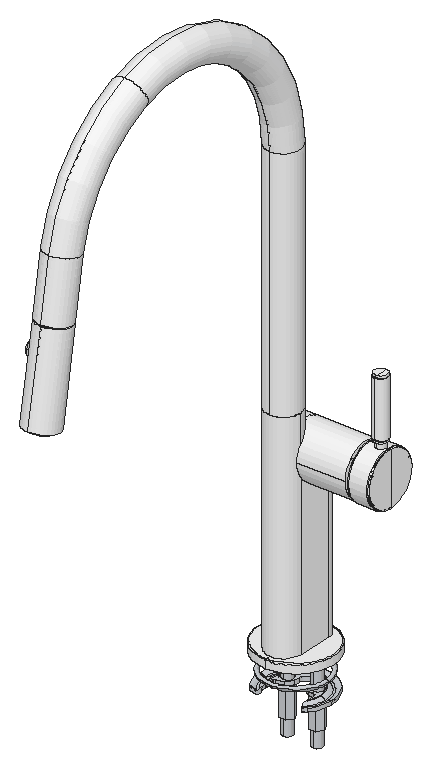
Revit family "Reece_Tap_Milli_Etch_Sink Mixer_Pull Out_Gooseneck", category Plumbing Fixtures, host Face, Revit 2018
Family settings
  Host = Face
  Round Connector Dimension = Use Diameter
  Part Type = Normal
  Cut with Voids When Loaded = No
  Shared = Yes
  Room Calculation Point = Yes
Parameters (values of type "217 mm_Chrome")
  WFU = 0  # constant formula
  URL = "https://www.reece.com.au/product/-21888"
  Type Comments = "Tap"
  Reece_Tap_Reach = 217 mm  # constant formula
  Reece_Tap_Inlet = 12 mm  # constant formula
  Reece_Tap_Clearance = 243 mm  # constant formula
  Reece_Product_Web Page = "https://www.reece.com.au/product/-21888"
  Reece_Product_Type = "Tap"
  Reece_Product_Sub Brand = "Etch"
  Reece_Product_Number = "21888"
  Reece_Product_Mount = "Hob Mounted"
  Reece_Product_Description = "Milli Etch Gooseneck Pull Out Sink Mixer Chrome (5 Star) Lead Free"
  Reece_Product_Brand = "Milli"
  Reece_Overall_Length = 266 mm  # constant formula
  Reece_Overall_Height = 442 mm  # constant formula
  Reece_Material_Secondary = Reece_Brass_Chrome_Knurl Pattern
  Reece_Material_Main = Reece_Brass_Chrome
  Reece_Detail_Installation = ""
  Reece_Detail_Disclaimer = "THIS FILE IS THE PROPERTY OF THE REECE GROUP. IT MAY NOT BE REPRODUCED, REVERSE-ENGINEERED, OR MODIFIED. ANY REPUBLICATION, TRANSMISSION, OR DISTRIBUTION FOR THE PURPOSE OF COMMERCIALLY EXPLOITING THE FILES IS PROHIBITED."  # constant formula
  Reece_Detail_Connector = ""
  Reece_Detail_Additional = "Sink Mixer"
  Model = "Etch"
  Manufacturer = "Milli"
  Keynote = "Product #21888, Reece_Tap_Milli_Etch_Sink Mixer_Pull Out_Gooseneck - 217 mm_Chrome"
  HWFU = 0  # constant formula
  Disclaimer = "THIS FILE IS THE PROPERTY OF THE REECE GROUP. IT MAY NOT BE REPRODUCED, REVERSE-ENGINEERED, OR MODIFIED. ANY REPUBLICATION, TRANSMISSION, OR DISTRIBUTION FOR THE PURPOSE OF COMMERCIALLY EXPLOITING THE FILES IS PROHIBITED."  # constant formula
  Description = "Milli Etch Gooseneck Pull Out Sink Mixer Chrome (5 Star) Lead Free"
  Default Elevation = 1000 mm
  CWFU = 0  # constant formula
Types (6, lengths in mm): name | URL | Reece_Product_Web Page | Reece_Product_Number | Reece_Product_Description | Reece_Material_Secondary | Reece_Material_Main | Keynote | Description
  217 mm_Chrome | "https://www.reece.com.au/product/-21888" | "https://www.reece.com.au/product/-21888" | "21888" | "Milli Etch Gooseneck Pull Out Sink Mixer Chrome (5 Star) Lead Free" | Reece_Brass_Chrome_Knurl Pattern | Reece_Brass_Chrome | "Product #21888, Reece_Tap_Milli_Etch_Sink Mixer_Pull Out_Gooseneck - 217 mm_Chrome" | "Milli Etch Gooseneck Pull Out Sink Mixer Chrome (5 Star) Lead Free"
  217 mm_Brushed Gunmetal | "https://www.reece.com.au/product/-21892" | "https://www.reece.com.au/product/-21892" | "21892" | "Milli Etch Gooseneck Pull Out Sink Mixer Brushed Gunmetal (5 Star) Lead Free" | Reece_Brass_Brushed Gunmetal_Knurl Pattern | Reece_Brass_Brushed Gunmetal | "Product #21892, Reece_Tap_Milli_Etch_Sink Mixer_Pull Out_Gooseneck - 217 mm_Brushed Gunmetal" | "Milli Etch Gooseneck Pull Out Sink Mixer Brushed Gunmetal (5 Star) Lead Free"
  217 mm_Matte Black | "https://www.reece.com.au/product/-21889" | "https://www.reece.com.au/product/-21889" | "21889" | "Milli Etch Gooseneck Pull Out Sink Mixer Matte Black (5 Star) Lead Free" | Reece_Brass_Matte Black_Knurl Pattern | Reece_Brass_Matte Black | "Product #21889, Reece_Tap_Milli_Etch_Sink Mixer_Pull Out_Gooseneck - 217 mm_Matte Black" | "Milli Etch Gooseneck Pull Out Sink Mixer Matte Black (5 Star) Lead Free"
  217 mm_Brushed Gold | "https://www.reece.com.au/product/-21891" | "https://www.reece.com.au/product/-21891" | "21891" | "Milli Etch Gooseneck Pull Out Sink Mixer Brushed Gold (5 Star) Lead Free" | Reece_PVD_Brushed Gold_Knurl Pattern | Reece_PVD_Brushed Gold | "Product #21891, Reece_Tap_Milli_Etch_Sink Mixer_Pull Out_Gooseneck - 217 mm_Brushed Gold" | "Milli Etch Gooseneck Pull Out Sink Mixer Brushed Gold (5 Star) Lead Free"
  217 mm_Brushed Bronze | "https://www.reece.com.au/product/-21893" | "https://www.reece.com.au/product/-21893" | "21893" | "Milli Etch Gooseneck Pull Out Sink Mixer Brushed Bronze (5 Star) Lead Free" | Reece_PVD_Brushed Bronze_Knurl Pattern | Reece_PVD_Brushed Bronze | "Product #21893, Reece_Tap_Milli_Etch_Sink Mixer_Pull Out_Gooseneck - 217 mm_Brushed Bronze" | "Milli Etch Gooseneck Pull Out Sink Mixer Brushed Bronze (5 Star) Lead Free"
  217 mm_Brushed Nickel | "https://www.reece.com.au/product/-21890" | "https://www.reece.com.au/product/-21890" | "21890" | "Milli Etch Gooseneck Pull Out Sink Mixer Brushed Nickel (5 Star) Lead Free" | Reece_Brass_Brushed Nickel_Knurl Pattern | Reece_Brass_Brushed Nickel | "Product #21890, Reece_Tap_Milli_Etch_Sink Mixer_Pull Out_Gooseneck - 217 mm_Brushed Nickel" | "Milli Etch Gooseneck Pull Out Sink Mixer Brushed Nickel (5 Star) Lead Free"
Reference planes
  plane 1 "Center (Front/Back)": y = 0
  plane 2 "Bottom": z = 0
  plane 3 "Center (Left/Right)": x = 0
  plane 4: y = -27
  plane 5: z = 160.5
  plane 6: z = 130.5
  plane 7: z = 149
  plane 8: y = -10.749
  plane 9: x = 64.6
  plane 10 "midx": y = 4.25
  plane 11: z = 442
  plane 12: z = 430
  plane 13: y = -227.749
  plane 14: z = 196.5
  plane 15: z = 243
  plane 16: y = -239
  plane 17: y = 27
Forms (mm)
  Extrusion 1, solid
    sketch origin (0, 0, 0) x (0, 1, 0) y (1, 0, 0)
      loop
        circle (6, 10.743) r 3.5
      loop
        circle (6, -10.743) r 3.5
    from 60 to 0
  Revolve 2, solid
    sketch origin (0, 0, -7.5) x (1, 0, 0) y (0, 0, 1)
      loop
        arc (-17.127, -16) -> (-19.041, -16.417) -> (-20.607, -17.592) r 4.6
        arc (-20.607, -17.592) -> (-21.5, -18) -> (-22.393, -17.592) r 1.18
        arc (-22.393, -17.592) -> (-23.926, -16.432) -> (-25.8, -16.001) r 4.6
        line (-25.8, -16.001) -> (-25.8, -18.5) -> (-24.2, -18.5)
        arc (-24.2, -18.5) -> (-21.5, -20) -> (-18.8, -18.5) r 3.18
        line (-18.8, -18.5) -> (-17.2, -18.5) -> (-17.2, -16.001)
      axis (0, -16) -> (0, -18.5)
    angle from 0 to 360
  Extrusion 3, void
    sketch origin (0, 0, -26) x (1, 0, 0) y (0, 1, 0)
      loop
        line (-15, -8.4) -> (-15, -11.9)
        arc (-15, -11.9) -> (-17.056, -15.277) -> (-21, -15) r 3.801
        line (-21, -15) -> (-27.6, -15) -> (-27.6, -34.6) -> (0, -34.6) -> (27.6, -34.6) -> (27.6, -15) -> (21, -15)
        arc (21, -15) -> (17.056, -15.277) -> (15, -11.9) r 3.801
        line (15, -11.9) -> (15, -8.4) -> (-15, -8.4)
    from 8.9 to -9.664
  Extrusion 4, solid
    sketch origin (0, 0, 0) x (1, 0, 0) y (0, 1, 0)
      loop
        circle (-10.743, 6) r 3.5
      loop
        line (-5.543, 6) -> (-8.143, 10.503) -> (-13.343, 10.503) -> (-15.943, 6) -> (-13.343, 1.497) -> (-8.143, 1.497) -> (-5.543, 6)
      loop
        circle (10.743, 6) r 3.5
      loop
        line (15.943, 6) -> (13.343, 10.503) -> (8.143, 10.503) -> (5.543, 6) -> (8.143, 1.497) -> (13.343, 1.497) -> (15.943, 6)
    from -48.5 to -26
  Extrusion 5, solid
    sketch origin (0.009, 0, 0) x (1, 0, 0) y (0, 1, 0)
      loop
        arc (-17.2, 0) -> (-16.643, -4.34) -> (-15.009, -8.4) r 17.2
        line (-15.009, -8.4) -> (-15.009, -2.598)
        arc (-15.009, -2.598) -> (-14.617, -1.409) -> (-13.595, -0.686) r 2
        line (-13.595, -0.686) -> (-6.814, 3.229)
        arc (-6.814, 3.229) -> (-4.792, 5.425) -> (-4.382, 8.382) r 5
        arc (-4.382, 8.382) -> (0, 13.556) -> (4.382, 8.382) r 4.443
        arc (4.382, 8.382) -> (4.792, 5.425) -> (6.814, 3.229) r 5
        line (6.814, 3.229) -> (13.595, -0.686)
        arc (13.595, -0.686) -> (14.617, -1.409) -> (15.009, -2.598) r 2
        line (15.009, -2.598) -> (15.009, -8.4)
        arc (15.009, -8.4) -> (16.643, -4.34) -> (17.2, 0) r 17.2
        arc (17.2, 0) -> (0, 17.2) -> (-17.2, 0) r 17.2
      loop
        line (-12.14, 9.204) -> (-13.722, 8.291)
        arc (-13.722, 8.291) -> (-15.003, 3.51) -> (-10.222, 2.229) r 3.5
        line (-10.222, 2.229) -> (-8.64, 3.142)
        arc (-8.64, 3.142) -> (-7.359, 7.923) -> (-12.14, 9.204) r 3.5
      loop
        arc (12.14, 9.204) -> (7.359, 7.923) -> (8.64, 3.142) r 3.5
        line (8.64, 3.142) -> (10.222, 2.229)
        arc (10.222, 2.229) -> (15.003, 3.51) -> (13.722, 8.291) r 3.5
        line (13.722, 8.291) -> (12.14, 9.204)
    from -23.5 to -26
  Revolve 6, solid
    sketch origin (0, 0, 0) x (1, 0, 0) y (0, 0, 1)
      loop
        circle (-22, -12.598) r 1.3
      axis (0, -12.598) -> (0, -13.598)
    angle from 0 to 360
  Extrusion 7, void
    sketch origin (0, 0, 0) x (1, 0, 0) y (0, 1, 0)
      loop
        circle (-10.743, 6) r 3.5
      loop
        circle (10.743, 6) r 3.5
      loop
        circle (7.191, -5.721) r 6.7
      loop
        circle (-7.191, -5.721) r 6.7
    from 4.469 to 0
  Extrusion 8, solid
    sketch origin (0, 0, -26) x (0, 1, 0) y (1, 0, 0)
      loop
        arc (-8.417, -15) -> (17.2, 0) -> (-8.417, 15) r 17.2
        line (-8.417, 15) -> (-2.83, 15)
        arc (-2.83, 15) -> (-1.68, 14.638) -> (-0.946, 13.681) r 2.004
        line (-0.946, 13.681) -> (1.021, 8.277)
        arc (1.021, 8.277) -> (2.606, 6.074) -> (5.11, 5.025) r 5
        line (5.11, 5.025) -> (9.672, 4.465)
        arc (9.672, 4.465) -> (13.622, 0) -> (9.672, -4.465) r 4.498
        line (9.672, -4.465) -> (5.11, -5.025)
        arc (5.11, -5.025) -> (2.606, -6.074) -> (1.021, -8.277) r 5
        line (1.021, -8.277) -> (-1.001, -13.832)
        arc (-1.001, -13.832) -> (-1.44, -14.535) -> (-2.127, -15) r 2
        line (-2.127, -15) -> (-8.417, -15)
      loop
        line (2.677, -9.644) -> (2.335, -10.584)
        arc (2.335, -10.584) -> (4.512, -14.989) -> (8.948, -12.876) r 3.5
        line (8.948, -12.876) -> (9.523, -11.293)
        arc (9.523, -11.293) -> (7.565, -6.747) -> (3.019, -8.704) r 3.5
        line (3.019, -8.704) -> (2.677, -9.644)
      loop
        line (2.677, 9.644) -> (3.019, 8.704)
        arc (3.019, 8.704) -> (7.565, 6.747) -> (9.523, 11.293) r 3.5
        line (9.523, 11.293) -> (8.948, 12.876)
        arc (8.948, 12.876) -> (4.512, 14.989) -> (2.335, 10.584) r 3.5
        line (2.335, 10.584) -> (2.677, 9.644)
    from 0 to -2.5
  Extrusion 9, void
    sketch origin (0, 0, 0) x (1, 0, 0) y (0, 1, 0)
      loop
        circle (0, 0) r 23.583
    from 0 to -80
  Revolve 10, solid, material "Reece_Brass_Chrome" <- "Reece_Material_Main"
    sketch origin (0, 0, 0) x (0, 1, 0) y (0, 0, 1)
      loop
        line (0, 0) -> (27, 0) -> (27, 5.5)
        arc (27, 5.5) -> (26.854, 5.854) -> (26.5, 6) r 0.5
        line (26.5, 6) -> (0, 6) -> (0, 0)
      axis (0, 6) -> (0, 0)
    angle from 0 to 360
  Extrusion 11, solid, material "Reece_Brass_Chrome" <- "Reece_Material_Main"
    sketch origin (0, 0, 0) x (1, 0, 0) y (0, 1, 0)
      loop
        circle (0, -10.75) r 12
    from 6 to 160.5
  Sweep 12, solid, material "Reece_Brass_Chrome" <- "Reece_Material_Main"
    path origin (0, 0, 0) x (0, 1, 0) y (0, 0, 1)
      loop
        line (22.75, 6) -> (22.75, 130.5)
        arc (22.75, 130.5) -> (17.331, 143.581) -> (4.25, 149) r 18.5
        line (4.25, 149) -> (-10.749, 149)
    profile origin (0, 22.75, 68.25) x (0, -1, 0) y (1, 0, 0)
      loop
        line (8, -12) -> (8, 12)
        arc (8, 12) -> (2.343, 9.657) -> (0, 4) r 8
        line (0, 4) -> (0, -4)
        arc (0, -4) -> (2.343, -9.657) -> (8, -12) r 8
  Extrusion 13, solid, material "Reece_Brass_Chrome" <- "Reece_Material_Main"
    sketch origin (0, 0, 0) x (0, 1, 0) y (0, 0, 1)
      loop
        circle (4.25, 130.5) r 18.5
    from 0 to 47
  Extrusion 14, solid, material "Reece_Brass_Chrome" <- "Reece_Material_Main"
    sketch origin (0, 0, 0) x (0, 1, 0) y (0, 0, 1)
      loop
        arc (14.75, 130.5) -> (11.675, 137.925) -> (4.25, 141) r 10.5
        line (4.25, 141) -> (-10.749, 141) -> (-10.749, 6) -> (14.75, 6) -> (14.75, 130.5)
    from 12 to -12
  Revolve 15, solid, material "Reece_Brass_Chrome" <- "Reece_Material_Main"
    sketch origin (0, 4.25, 0) x (-1, 0, 0) y (0, 0, 1)
      loop
        line (-48.279, 146.743) -> (-48.9, 145.667) -> (-48.9, 149.25) -> (-49.5, 149.75) -> (-49.5, 146.75) -> (-63.2, 146.75) -> (-63.2, 149.75) -> (-63.8, 149.25) -> (-64.6, 149.25) -> (-64.6, 130.5) -> (-47, 130.5) -> (-47, 146.743) -> (-48.279, 146.743)
      axis (-47, 130.5) -> (-64.6, 130.5)
    angle from 0 to 360
  Revolve 16, solid, material "Reece_Brass_Chrome_Knurl Pattern" <- "Reece_Material_Secondary"
    sketch origin (0, 4.25, 0) x (-1, 0, 0) y (0, 0, 1)
      loop
        line (-63.2, 130.5) -> (-49.5, 130.5) -> (-49.5, 149.75) -> (-63.2, 149.75) -> (-63.2, 130.5)
      axis (-49.5, 130.5) -> (-63.2, 130.5)
    angle from 0 to 360
  Sweep 17, solid, material "Reece_Brass_Chrome" <- "Reece_Material_Main"
    path origin (0, 0, 0) x (0, 1, 0) y (0, 0, 1)
      loop
        line (-11.332, 160.5) -> (-11.332, 330.103)
        arc (-11.332, 330.103) -> (-55.135, 412.819) -> (-148.171, 423.07) r 100
        arc (-148.171, 423.07) -> (-188.429, 393.592) -> (-209.196, 348.223) r 99
        line (-209.196, 348.223) -> (-227.75, 243)
    profile origin (0, -11.332, 245.301) x (0, -1, 0) y (1, 0, 0)
      loop
        circle (0, 0) r 12
  Revolve 18, void
    sketch origin (0, 0, 0) x (0, 1, 0) y (0, 0, 1)
      loop
        line (-22.503, 160.5) -> (-22.503, 161.3) -> (-23.503, 161.3) -> (-23.503, 160.5) -> (-22.503, 160.5)
      axis (-10.749, 161.3) -> (-10.749, 160.3)
    angle from 0 to 360
  Revolve 19, solid, material "Reece_Brass_Chrome" <- "Reece_Material_Main"
    sketch origin (0, 0, 0) x (0, 1, 0) y (0, 0, 1)
      loop
        line (-237.806, 243.555) -> (-237.019, 243.416) -> (-236.81, 244.598) -> (-235.825, 244.424) -> (-236.034, 243.242) -> (-234.852, 243.034) -> (-234.586, 244.543) -> (-237.54, 245.064) -> (-237.806, 243.555)
      axis (-227.692, 243.328) -> (-227.958, 241.818)
    angle from 0 to 360
  Revolve 20, void
    sketch origin (0, 0.6, 0) x (0, 1, 0) y (0, 0, 1)
      loop
        line (-226.928, 308.655) -> (-230.867, 309.349) -> (-231.04, 308.364) -> (-227.101, 307.67) -> (-226.928, 308.655)
      axis (-217.08, 306.918) -> (-217.253, 305.933)
    angle from 0 to 360
  Revolve 21, solid, material "Reece_Brass_Chrome" <- "Reece_Material_Main"
    sketch origin (0, -220.144, 286.135) x (0, 0.984808, -0.173648) y (-1, 0, 0)
      loop
        arc (5.307, 12.455) -> (3.098, 14.793) -> (0, 15.655) r 6
        line (0, 15.655) -> (0, 10.196) -> (1.7, 10.196) -> (1.7, 12.455) -> (5.307, 12.455)
      axis (0, 15.655) -> (0, 10.196)
    angle from 0 to 360
  Revolve 22, solid, material "Reece_Brass_Chrome" <- "Reece_Material_Main"
    sketch origin (57.6, -148.75, 129.527) x (0, 0, -1) y (0, 1, 0)
      loop
        line (-0.973, 153) -> (-25.673, 153) -> (-25.673, 148) -> (-25.073, 148.5) -> (-23.873, 148.5) -> (-23.873, 149.476) -> (-0.973, 149.476) -> (-0.973, 153)
      loop
        line (-65.173, 153) -> (-66.973, 153) -> (-66.973, 148.5) -> (-65.773, 148.5) -> (-65.173, 148) -> (-65.173, 153)
      axis (-0.973, 153) -> (-66.973, 153)
    angle from 0 to 360
  Revolve 23, solid, material "Reece_Brass_Chrome_Knurl Pattern" <- "Reece_Material_Secondary"
    sketch origin (57.6, -148.75, 129.527) x (0, 0, -1) y (0, 1, 0)
      loop
        line (-65.173, 153) -> (-25.673, 153) -> (-25.673, 158.027) -> (-65.173, 158.027) -> (-65.173, 153)
      axis (-25.673, 153) -> (-65.173, 153)
    angle from 0 to 360
Cuts and joins
  Extrusion 3 cuts Revolve 2
  Extrusion 7 cuts Extrusion 1
  Extrusion 7 cuts Revolve 10
  Revolve 18, Revolve 20 cuts Sweep 17
  joined: Revolve 10, Extrusion 11, Sweep 12, Extrusion 13, Extrusion 14, Revolve 15, Sweep 17, Revolve 19, Revolve 21, Revolve 22
  joined: Revolve 16, Revolve 23
Text (mm)
  text "Reece ©" at (-376.789, -229.394, 0), in view "Ref. Level"
  text "Reece ©" at (-60.132, 252.158, 290.069), in view "Reece Preview"
Dimensions and locks
  "Reece_Tap_Reach": plane 8 to plane 13
  "Reece_Tap_Clearance": plane 15 to level
  "Reece_Overall_Height": plane 11 to level
  "Reece_Overall_Length": plane 17 to plane 16
  aligned and locked: plane 2 "Bottom" to host face
  aligned and locked: level to host face
  aligned and locked: Revolve 10 sketch curve to plane 1 "Center (Front/Back)"
Automatic sketch dimensions
  host sketch curve to host sketch curve = 380.785 mm
  host sketch curve to host sketch curve = 317.421 mm
  plane 10 "midx" to Extrusion 1 sketch curve = 1.75 mm  (x2)
  plane 3 "Center (Left/Right)" to Extrusion 1 sketch curve = 10.743 mm
  Extrusion 1 sketch curve to plane 3 "Center (Left/Right)" = 10.743 mm
  Revolve 2 sketch curve to Revolve 2 sketch curve = 0 mm  (x4)
  Revolve 2 sketch curve to plane 3 "Center (Left/Right)" = 0 mm
  Revolve 2 sketch curve to plane 3 "Center (Left/Right)" = 17.127 mm
  Revolve 2 sketch curve to Revolve 2 sketch curve = 0.073 mm  (x2)
  Revolve 2 sketch curve to Revolve 2 sketch curve = 1.6 mm  (x2)
  Revolve 2 sketch curve to Revolve 2 sketch curve = 2.7 mm  (x2)
  Revolve 2 sketch curve to level = 28.1 mm
  Revolve 2 sketch curve to Revolve 2 sketch curve = 2.1 mm
  Revolve 2 sketch curve to Revolve 2 sketch curve = 1.68 mm
  Revolve 2 sketch curve to Revolve 2 sketch curve = 2.499 mm
  Revolve 2 sketch curve to Revolve 2 sketch curve = 0.893 mm
  Revolve 2 sketch curve to Revolve 2 sketch curve = 0.4 mm
  Revolve 2 sketch curve to Revolve 2 sketch curve = 5 mm
  Extrusion 3 sketch curve to Revolve 2 = 34.6 mm
  Extrusion 3 sketch curve to Extrusion 3 sketch curve = 6.6 mm  (x4)
  Extrusion 3 sketch curve to Extrusion 3 sketch curve = 2.199 mm  (x2)
  Extrusion 3 sketch curve to Extrusion 3 sketch curve = 3.801 mm  (x2)
  Extrusion 3 sketch curve to Extrusion 3 sketch curve = 15 mm
  Extrusion 3 sketch curve to Revolve 2 = 8.4 mm
  Extrusion 3 sketch curve to Extrusion 3 sketch curve = 30 mm
  Extrusion 4 sketch curve to Extrusion 4 sketch curve = 0 mm  (x4)
  plane 10 "midx" to Extrusion 4 sketch curve = 1.75 mm  (x6)
  Extrusion 4 sketch curve to plane 3 "Center (Left/Right)" = 15.943 mm
  Extrusion 4 sketch curve to Extrusion 4 sketch curve = 2.6 mm  (x12)
  Extrusion 4 sketch curve to plane 1 "Center (Front/Back)" = 1.497 mm  (x2)
  plane 3 "Center (Left/Right)" to Extrusion 4 sketch curve = 5.543 mm
  plane 10 "midx" to Extrusion 4 sketch curve = 6.253 mm
  Extrusion 4 sketch curve to Extrusion 4 sketch curve = 4.503 mm
  Extrusion 4 sketch curve to plane 10 "midx" = 1.75 mm  (x2)
  Extrusion 5 sketch curve to Extrusion 5 sketch curve = 0 mm  (x7)
  plane 1 "Center (Front/Back)" to Extrusion 5 sketch curve = 0 mm
  plane 1 "Center (Front/Back)" to Extrusion 5 sketch curve = 2.598 mm  (x2)
  Extrusion 5 sketch curve to plane 3 "Center (Left/Right)" = 15 mm
  plane 10 "midx" to Extrusion 5 sketch curve = 4.041 mm  (x2)
  Extrusion 5 sketch curve to Extrusion 5 sketch curve = 1.288 mm
  plane 1 "Center (Front/Back)" to Extrusion 5 sketch curve = 0.686 mm  (x2)
  Extrusion 5 sketch curve to Extrusion 5 sketch curve = 1.414 mm
  plane 10 "midx" to Extrusion 5 sketch curve = 4.954 mm  (x2)
  Extrusion 5 sketch curve to Extrusion 5 sketch curve = 1.582 mm  (x6)
  plane 10 "midx" to Extrusion 5 sketch curve = 1.01 mm
  Extrusion 5 sketch curve to Extrusion 5 sketch curve = 1.75 mm
  Extrusion 5 sketch curve to plane 10 "midx" = 2.021 mm  (x2)
  Extrusion 5 sketch curve to Extrusion 5 sketch curve = 1.076 mm  (x2)
  Extrusion 5 sketch curve to plane 10 "midx" = 1.108 mm  (x2)
  Extrusion 5 sketch curve to plane 10 "midx" = 1.021 mm  (x2)
  Extrusion 5 sketch curve to Extrusion 5 sketch curve = 1.826 mm  (x2)
  plane 3 "Center (Left/Right)" to Extrusion 5 sketch curve = 0.009 mm  (x2)
  plane 3 "Center (Left/Right)" to Extrusion 5 sketch curve = 6.823 mm
  Extrusion 5 sketch curve to Extrusion 5 sketch curve = 0.674 mm
  Extrusion 5 sketch curve to Extrusion 5 sketch curve = 2.826 mm
  Extrusion 5 sketch curve to Extrusion 5 sketch curve = 2.788 mm
  Extrusion 5 sketch curve to Extrusion 5 sketch curve = 0.586 mm
  Extrusion 5 sketch curve to plane 8 = 2.349 mm
  Extrusion 5 sketch curve to Extrusion 5 sketch curve = 1.386 mm  (x2)
  plane 10 "midx" to Extrusion 5 sketch curve = 4.864 mm
  plane 3 "Center (Left/Right)" to Revolve 6 sketch curve = 0 mm
  Revolve 6 sketch curve to plane 3 "Center (Left/Right)" = 22 mm
  Revolve 6 sketch curve to level = 12.598 mm
  Revolve 6 sketch curve to Revolve 6 sketch curve = 440.332 mm
  plane 11 to Revolve 6 sketch curve = 2003.244 mm
  Extrusion 7 sketch curve to Extrusion 7 sketch curve = 0 mm  (x4)
  plane 10 "midx" to Extrusion 7 sketch curve = 1.75 mm  (x2)
  Extrusion 7 sketch curve to plane 3 "Center (Left/Right)" = 10.743 mm
  Extrusion 7 sketch curve to plane 3 "Center (Left/Right)" = 7.191 mm
  plane 3 "Center (Left/Right)" to Extrusion 7 sketch curve = 7.191 mm
  plane 3 "Center (Left/Right)" to Extrusion 7 sketch curve = 10.743 mm
  Extrusion 7 sketch curve to plane 8 = 5.027 mm  (x2)
  Extrusion 7 sketch curve to plane 10 "midx" = 1.75 mm  (x2)
  Extrusion 8 sketch curve to Revolve 2 = 0.946 mm
  Extrusion 8 sketch curve to Revolve 2 = 1.001 mm
  Extrusion 8 sketch curve to Extrusion 8 sketch curve = 1.125 mm
  Extrusion 8 sketch curve to Extrusion 8 sketch curve = 1.884 mm
  Extrusion 8 sketch curve to Extrusion 8 sketch curve = 0.754 mm
  Extrusion 8 sketch curve to Extrusion 8 sketch curve = 5.587 mm
  Extrusion 8 sketch curve to Extrusion 8 sketch curve = 5.536 mm
  Revolve 2 to Extrusion 8 sketch curve = 1.021 mm  (x2)
  Revolve 2 to Extrusion 8 sketch curve = 2.335 mm  (x2)
  Extrusion 8 sketch curve to Extrusion 8 sketch curve = 0.342 mm  (x4)
  Extrusion 8 sketch curve to Extrusion 8 sketch curve = 2.091 mm  (x2)
  Extrusion 8 sketch curve to Extrusion 8 sketch curve = 3.323 mm  (x2)
  Extrusion 8 sketch curve to Extrusion 8 sketch curve = 0.061 mm  (x2)
  Extrusion 8 sketch curve to Extrusion 8 sketch curve = 0.552 mm  (x2)
  Extrusion 8 sketch curve to Extrusion 8 sketch curve = 3.29 mm  (x2)
  Extrusion 8 sketch curve to Extrusion 8 sketch curve = 4.014 mm
  Extrusion 8 sketch curve to Extrusion 8 sketch curve = 0.575 mm  (x2)
  Extrusion 8 sketch curve to Extrusion 8 sketch curve = 0.548 mm  (x2)
  Extrusion 8 sketch curve to Extrusion 8 sketch curve = 1.319 mm
  Extrusion 8 sketch curve to Extrusion 8 sketch curve = 0.805 mm
  Extrusion 8 sketch curve to Extrusion 8 sketch curve = 1.194 mm
  Extrusion 8 sketch curve to Extrusion 8 sketch curve = 1.583 mm
  Extrusion 8 sketch curve to Extrusion 8 sketch curve = 1.683 mm
  Extrusion 8 sketch curve to Extrusion 8 sketch curve = 0.011 mm  (x2)
  Extrusion 8 sketch curve to Extrusion 8 sketch curve = 0.94 mm  (x3)
  Extrusion 8 sketch curve to Extrusion 8 sketch curve = 0.427 mm  (x2)
  Extrusion 8 sketch curve to Extrusion 8 sketch curve = 0.56 mm  (x2)
  Extrusion 8 sketch curve to Extrusion 8 sketch curve = 4.465 mm
  Extrusion 8 sketch curve to Extrusion 8 sketch curve = 3.253 mm
  Extrusion 8 sketch curve to Extrusion 8 sketch curve = 1.695 mm
  Extrusion 8 sketch curve to Extrusion 8 sketch curve = 1.852 mm
  plane 1 "Center (Front/Back)" to Extrusion 9 sketch curve = 0 mm
  Extrusion 9 sketch curve to plane 3 "Center (Left/Right)" = 0 mm
  level to Revolve 10 sketch curve = 0 mm
  Revolve 10 sketch curve to plane 1 "Center (Front/Back)" = 0 mm
  level to Revolve 10 sketch curve = 5.5 mm
  plane 10 "midx" to Revolve 10 sketch curve = 22.25 mm
  Revolve 10 sketch curve to Revolve 10 sketch curve = 0.5 mm
  Revolve 10 sketch curve to level = 43.855 mm
  Revolve 10 sketch curve to Revolve 10 sketch curve = 23.239 mm
  Extrusion 11 sketch curve to plane 3 "Center (Left/Right)" = 0 mm
  plane 8 to Extrusion 11 sketch curve = 0.001 mm
  Sweep 12 sketch curve to plane 7 = 0 mm
  Sweep 12 sketch curve to plane 8 = 0 mm
  Sweep 12 sketch curve to plane 6 = 0 mm
  Sweep 12 sketch curve to plane 10 "midx" = 0 mm
  level to Sweep 12 sketch curve = 6 mm
  Sweep 12 sketch curve to profile plane = 0 mm
  Sweep 12 sketch curve to profile plane = 8 mm
  Sweep 12 sketch curve to plane 3 "Center (Left/Right)" = 12 mm
  plane 3 "Center (Left/Right)" to Sweep 12 sketch curve = 4 mm
  Extrusion 13 sketch curve to plane 6 = 0 mm
  Extrusion 13 sketch curve to plane 10 "midx" = 0 mm
  Extrusion 14 sketch curve to plane 8 = 0 mm
  Extrusion 14 sketch curve to plane 10 "midx" = 0 mm
  Extrusion 14 sketch curve to plane 6 = 0 mm
  plane 10 "midx" to Extrusion 14 sketch curve = 10.5 mm
  level to Extrusion 14 sketch curve = 6 mm
  Revolve 16 sketch curve to plane 6 = 0 mm  (x2)
  Revolve 16 sketch curve to plane 9 = 1.4 mm
  Revolve 16 sketch curve to Revolve 16 sketch curve = 13.7 mm
  plane 7 to Revolve 16 sketch curve = 0.75 mm
  plane 9 to Revolve 16 sketch curve = 8.771 mm
  Revolve 16 sketch curve to Revolve 16 sketch curve = 8.017 mm
  Sweep 17 sketch curve to plane 3 "Center (Left/Right)" = 0 mm
  Sweep 17 sketch curve to profile plane = 0 mm
  Revolve 18 sketch curve to plane 5 = 0 mm
  Revolve 18 sketch curve to plane 8 = 0 mm
  plane 5 to Revolve 18 sketch curve = 0.8 mm
  plane 4 to Revolve 18 sketch curve = 4.497 mm
  Revolve 18 sketch curve to Revolve 18 sketch curve = 1 mm
  plane 5 to Revolve 18 sketch curve = 15.309 mm
  Revolve 18 sketch curve to plane 14 = 0.691 mm
  Revolve 22 sketch curve to plane 10 "midx" = 0 mm  (x3)
  Revolve 22 sketch curve to plane 14 = 0 mm
  Revolve 22 sketch curve to plane 6 = 0 mm
  plane 1 "Center (Front/Back)" to Revolve 22 sketch curve = 0.25 mm  (x2)
  Revolve 22 sketch curve to Revolve 22 sketch curve = 1.2 mm  (x2)
  plane 1 "Center (Front/Back)" to Revolve 22 sketch curve = 0.75 mm  (x2)
  Revolve 22 sketch curve to Revolve 22 sketch curve = 0.6 mm  (x2)
  Revolve 22 sketch curve to plane 5 = 5.3 mm
  Revolve 22 sketch curve to plane 1 "Center (Front/Back)" = 0.726 mm
  plane 11 to Revolve 22 sketch curve = 1286.588 mm
  Revolve 22 sketch curve to level = 1589.488 mm
  Revolve 23 sketch curve to plane 10 "midx" = 0 mm  (x2)
  Revolve 23 sketch curve to plane 14 = 1.8 mm
  Revolve 23 sketch curve to plane 5 = 5.3 mm
  Revolve 23 sketch curve to Revolve 23 sketch curve = 5.027 mm
  plane 11 to Revolve 23 sketch curve = 1286.588 mm
  Revolve 23 sketch curve to level = 1589.488 mm
  plane 5 to Sweep 17 sketch curve = 0 mm
  Sweep 17 sketch curve to Sweep 17 sketch curve = 0.368 mm
  plane 8 to Sweep 17 sketch curve = 0.583 mm
  Sweep 17 sketch curve to Sweep 17 sketch curve = 0.93 mm
  Sweep 17 sketch curve to plane 12 = 6.93 mm
  Sweep 17 sketch curve to plane 13 = 79.578 mm
  Sweep 17 sketch curve to Sweep 17 sketch curve = 0 mm
  Sweep 17 sketch curve to plane 13 = 18.552 mm
  plane 16 to Sweep 17 sketch curve = 11.25 mm
  Sweep 17 sketch curve to plane 15 = 0 mm
  Revolve 20 sketch curve to plane 13 = 1.247 mm
  plane 16 to Revolve 20 sketch curve = 3.814 mm
  Revolve 20 sketch curve to plane 13 = 16.262 mm
  plane 14 to Revolve 20 sketch curve = 4.327 mm
  Revolve 20 sketch curve to Revolve 20 sketch curve = 26.58 mm
  Revolve 20 sketch curve to Revolve 20 sketch curve = 0.174 mm
  Revolve 20 sketch curve to Revolve 20 sketch curve = 0.985 mm
  Revolve 20 sketch curve to Revolve 20 sketch curve = 0.695 mm
  plane 15 to Revolve 20 sketch curve = 64.67 mm
  Revolve 21 sketch curve to plane 3 "Center (Left/Right)" = 9.655 mm
  Revolve 21 sketch curve to Revolve 21 sketch curve = 1.7 mm
  Revolve 21 sketch curve to Revolve 21 sketch curve = 3.607 mm
  Revolve 21 sketch curve to Revolve 21 sketch curve = 0.541 mm
  Revolve 21 sketch curve to Revolve 21 sketch curve = 2.259 mm
  Revolve 21 sketch curve to Revolve 21 sketch curve = 0 mm
  Revolve 21 sketch curve to Revolve 21 sketch curve = 2.303 mm
  Revolve 21 sketch curve to Revolve 21 sketch curve = 2.461 mm
  Revolve 15 sketch curve to plane 6 = 0 mm  (x2)
  Revolve 15 sketch curve to plane 9 = 0 mm
  plane 7 to Revolve 15 sketch curve = 0.25 mm  (x2)
  Revolve 15 sketch curve to plane 9 = 0.8 mm
  Revolve 15 sketch curve to Revolve 15 sketch curve = 0.6 mm  (x2)
  Revolve 15 sketch curve to plane 7 = 3.333 mm
  Revolve 15 sketch curve to Revolve 15 sketch curve = 14.3 mm
  Revolve 15 sketch curve to Revolve 15 sketch curve = 0.621 mm
  Revolve 15 sketch curve to Revolve 15 sketch curve = 1.9 mm
  Revolve 15 sketch curve to plane 7 = 2.25 mm
  plane 7 to Revolve 15 sketch curve = 0.75 mm  (x2)
  Revolve 15 sketch curve to Revolve 15 sketch curve = 8.771 mm
  Revolve 15 sketch curve to Revolve 15 sketch curve = 8.017 mm
  Revolve 15 sketch curve to Revolve 15 sketch curve = 0.007 mm
  plane 16 to Revolve 19 sketch curve = 1.194 mm
  plane 16 to Revolve 19 sketch curve = 1.46 mm
  plane 15 to Revolve 19 sketch curve = 0.416 mm
  Revolve 19 sketch curve to Revolve 19 sketch curve = 0.788 mm
  plane 15 to Revolve 19 sketch curve = 1.598 mm
  Revolve 19 sketch curve to Revolve 19 sketch curve = 0.73 mm
  plane 15 to Revolve 19 sketch curve = 0.242 mm
  Revolve 19 sketch curve to Revolve 19 sketch curve = 0.985 mm
  plane 15 to Revolve 19 sketch curve = 0.034 mm
  plane 13 to Revolve 19 sketch curve = 2.814 mm
  Revolve 19 sketch curve to plane 13 = 1.087 mm
  Revolve 19 sketch curve to plane 15 = 15.954 mm
  plane 15 to Revolve 19 sketch curve = 6.169 mm
  radius of Extrusion 1 sketch curve = 3.5 mm  (x2)
  radius of Revolve 6 sketch curve = 1.3 mm
  radius of Extrusion 7 sketch curve = 6.7 mm  (x2)
  radius of Extrusion 8 sketch curve to Revolve 2 = 0 mm
  radius of Extrusion 9 sketch curve = 23.583 mm
  radius of Extrusion 11 sketch curve = 12 mm
  radius of Extrusion 13 sketch curve = 18.5 mm
  radius of Sweep 17 sketch curve = 12 mm
Connectors
  piping at (-7.191, -5.721, 4.469), diameter 12, driven by "Reece_Tap_Inlet"
    settings: on cut or joined group 1 (Extrusion 7, Revolve 10, Extrusion 11, Sweep 12, Extrusion 13, Extrusion 14, Revolve 15, Sweep 17, Revolve 18, Revolve 19, Revolve 20, Revolve 21, Revolve 22), index 1, connector inside diameter 609.6 mm, connector length 0 mm, flow factor 0, pipe flow 0.0 L/s, pressure drop 0.0 Pa, fitting loss kfactor 0, connector angle 0.00°, fixture units 0, engagement length 0 mm, angle of deflection 0.00°, flow configuration 0, flow direction 1, fitting loss method 0, system type 29, joint type 0, gender type 0, connector reference index -1, connector utility 0, adjustable connector no, is connector primary yes, connector description ""
  piping at (7.191, -5.721, 4.469), diameter 12, driven by "Reece_Tap_Inlet"
    settings: on cut or joined group 1, index 2, connector inside diameter 609.6 mm, connector length 0 mm, flow factor 0, pipe flow 0.0 L/s, pressure drop 0.0 Pa, fitting loss kfactor 0, connector angle 0.00°, fixture units 0, engagement length 0 mm, angle of deflection 0.00°, flow configuration 0, flow direction 1, fitting loss method 0, system type 29, joint type 0, gender type 0, connector reference index -1, connector utility 0, adjustable connector no, is connector primary no, connector description ""
